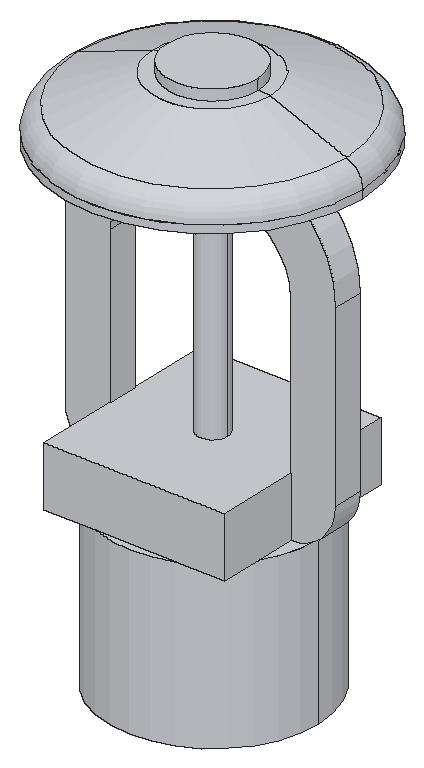
Revit family
Parameters (values of type "RASCO F156 UPRIGHT")
  URL = ""
  Temperature Rating = 155 °F
  Response = (empty or 0)
  RASCO SIN # = "RA1325"
  RASCO Part # = "F56U1B"
  Pressure Rating = "175 PSI"
  Pressure Class = (empty or 0)
  Orifice Size = 1/2"
  Orifice = (empty or 0)
  Model = "F156"
  Manufacturer = "RASCO"
  K-Factor = 5.6
  Description = "Brz. Finish"
  Coverage = (empty or 0)
Reference planes (in)
  plane 1 "Center (Front/Back)": y = 0
  plane 2: z = 0
  plane 3 "Center (Left/Right)": x = 0
Nested families (in)
  nested 1: "F56U1B" at (0, 0, 0), type "RASCO F156 UPRIGHT"
Connectors (in)
  piping at (0, 0, 0)
    settings: on nested 1, index 1, connector radius 55/128", flow factor 0, pipe flow 0 GPM, pressure drop 0.00 psi, fitting loss kfactor 0, connector angle 0.00°, fixture units 0, flow configuration 0, flow direction 0, fitting loss method 0, system type 7, connector reference index -1, connector utility 0, adjustable connector no, is connector primary yes, fitting loss table "", connector description ""
Definition of nested family "F56U1B"
  Parameters (values of type "RASCO F156 UPRIGHT")
    Type Comments = ""
    Temperature Rating = 0 °F
    Response = (empty or 0)
    Pressure Rating = "0"
    Pressure Class = (empty or 0)
    Orifice Size = 0"
    Orifice = (empty or 0)
    Model = ""
    Manufacturer = ""
    K-Factor = 0
    Description = ""
    Coverage = (empty or 0)
    Assembly Code = ""
  Reference planes (in)
    plane 1 "Center (Front/Back)": y = 0
    plane 2: z = 0
    plane 3 "ref.2": z = 0.6875
    plane 4 "ref.3": z = 0.9375
    plane 5: x = -0.38065
    plane 6: x = 0.36935
    plane 7 "ref. side 1": y = 0.06402
    plane 8 "ref. side 2": y = -0.06098
    plane 9 "ref.4": z = 1.875
    plane 10 "ref.5": z = 2.3125
    plane 11 "ref.6": z = 2.4375
  Forms (in)
    Extrusion 1, solid
      sketch origin (0, 0, 0) x (1, 0, 0) y (0, 1, 0)
        loop
          circle (0, 0) r 0.4375
      from 0 to 0.6875
    Extrusion 2, solid
      sketch origin (-0.12185, 0.05177, 0.6875) x (1, 0, 0) y (0, 1, 0)
        loop
          line (-0.2588, 0.356) -> (-0.2588, -0.4565) -> (0.4912, -0.4565) -> (0.4912, 0.356) -> (-0.2588, 0.356)
      from 0 to 0.25
    Extrusion 3, solid
      sketch origin (0, 0, 0) x (1, 0, 0) y (0, 0, 1)
        loop
          line (-0.38065, 0.68754) -> (-0.38065, 1.58397)
          arc (-0.38065, 1.58397) -> (-0.29541, 1.78976) -> (-0.08962, 1.875) r 0.29103
          line (-0.08962, 1.875) -> (0.07524, 1.875)
          arc (0.07524, 1.875) -> (0.28321, 1.78886) -> (0.36935, 1.58089) r 0.29411
          line (0.36935, 1.58089) -> (0.36935, 0.68751)
          arc (0.36935, 0.68751) -> (0.50207, 0.74393) -> (0.55685, 0.87734) r 0.18984
          line (0.55685, 0.87734) -> (0.55685, 1.61676)
          arc (0.55685, 1.61676) -> (0.42629, 1.93194) -> (0.11111, 2.0625) r 0.44574
          line (0.11111, 2.0625) -> (-0.12259, 2.0625)
          arc (-0.12259, 2.0625) -> (-0.43765, 1.932) -> (-0.56815, 1.61694) r 0.44556
          line (-0.56815, 1.61694) -> (-0.56815, 0.87876)
          arc (-0.56815, 0.87876) -> (-0.51345, 0.74486) -> (-0.38065, 0.68754) r 0.19126
      from -0.06402 to 0.06098
    Extrusion 4, solid
      sketch origin (0, 0, 0.9375) x (-1, 0, 0) y (0, -1, 0)
        loop
          circle (0.00574, -0.00152) r 0.0625
      from 0 to 0.9375
    Extrusion 5, solid
      sketch origin (0, 0, 1.875) x (-1, 0, 0) y (0, -1, 0)
        loop
          circle (0.00574, -0.00152) r 0.1875
      from 0 to 0.4375
    Revolve 6, solid
      sketch origin (0, 0, -0.31276) x (1, 0, 0) y (0, 0, 1)
        loop
          line (-0.19324, 2.33367) -> (-0.19324, 2.58367) -> (-0.24995, 2.58367) -> (-0.56395, 2.46314)
          arc (-0.56395, 2.46314) -> (-0.61243, 2.42492) -> (-0.63074, 2.36595) r 0.1041
          line (-0.63074, 2.36595) -> (-0.63074, 2.33367) -> (-0.19324, 2.33367)
        axis (-0.00574, 2.33367) -> (-0.00574, 2.58367)
      angle from 0 to 360
  Cuts and joins
    joined: Extrusion 1, Extrusion 2, Extrusion 4, Revolve 6
  Lines and regions (in)
    model lines
      curve 1: line (-0.00574, 0.06402, 1.875) -> (-0.00574, -0.06098, 1.875)
